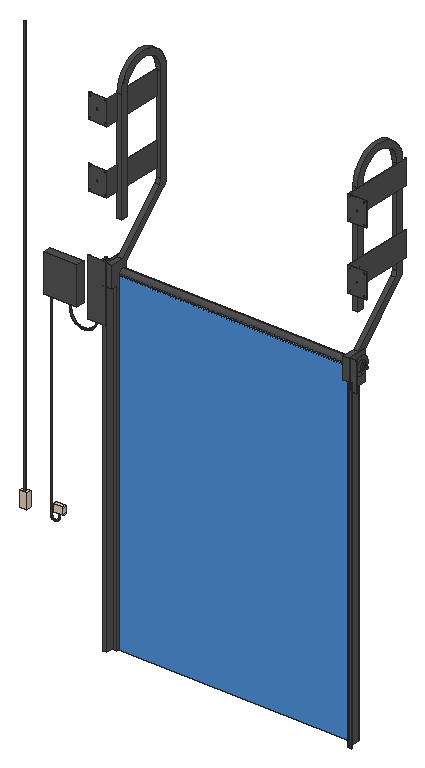
Revit family "Door_Lift_UltiGroup_FasTrax FR Wrapback", category Doors, host Wall, Revit 2018
Family settings
  Host = Wall
  OmniClass Number = 23.30.10.21.17.11
  OmniClass Title = Cold Storage Doors
  Always vertical = Yes
  Cut with Voids When Loaded = No
  Shared = No
  Room Calculation Point = No
Parameters (values of type "2HP - 3 Phase - 575V")
  Voltage = 575
  User Interface = User Interface
  Toll Free Phone = "0800 807 753"
  Thickness = 25.4 mm
  Supply to ceiling = 200 mm
  StyleOrType_ANZRS = ""
  Shaft Extension [instance] = if(Manual Operation, 355.6 mm, 295 mm)  # 295 mm
  Send Message = "http://ultigroup.co.nz/contact-ulti-group/"
  RO Spacing = 222 mm
  Warranty Duration (Years) = 0
  U_Factor [instance] = 0
  URL = "www.ultigroup.co.nz"
  SHGC [instance] = 0
  Rough Width = Width - (RO Spacing * 2)  # 2500 mm
  Rough Height = Height - RO Spacing  # 3778 mm
  R_Value [instance] = 0
  RH = no
  Power Isolator distance = 1200 mm
  Phone = "07 974 4691"
  Phase = 3
  Operation = ""
  Motor HP = 2
  ModifiedIssue_ANZRS = 0
  Model = "Ulti FasTrax FR - Wrapback Lift"
  Min Width = 1524 mm
  Min Height = 2133.6 mm
  Max Width = 2500 mm
  Max Height = 4876.8 mm
  Manufacturer = "UltiGroup"
  Manual Operation [instance] = no
  Maintenance Schedule (Months) = 0
  LH = yes
  Keynote = ""
  InstallationGroup_ANZRS = 0
  Installation Phase = "Exterior Enclosure"
  Height of Wrapback = 2400 mm
  Height = 4000 mm
  Function = Interior
  FireRating_ANZRS = ""
  FilterObject_ANZRS = ""
  Fax = "07 846 2467"
  Expected Lifespan (Years) = 0
  Electric [instance] = not(Manual Operation)  # yes
  DoorSignageWording_ANZRS = ""
  DoorPanelWidth_ANZRS = Width  # 2944 mm
  DoorPanelMaterial_ANZRS = Fabric - Curtain - Blue
  DoorPanelHeight_ANZRS = Height  # 4000 mm
  DoorPanelFinish_ANZRS = "PVC Fabric curtain with Insulation"
  DoorPanelDepth_ANZRS = 0 mm
  DoorPanelBWidth_ANZRS = 0 mm
  DoorOperation_ANZRS = "[Induction Loop][Motion Sensor][Electronic Eye][Push Button Control][Radio Control][Pull Cord Manual Open]"
  DoorNumberOfPanels_ANZRS = 0
  DoorGrille_ANZRS = no
  DoorGrilleWidth_ANZRS = 0 mm
  DoorGrilleHeight_ANZRS = 0 mm
  DoorGlazingWidth_ANZRS = 0 mm
  DoorGlazingType_ANZRS = ""
  DoorGlazingHeight_ANZRS = 0 mm
  DoorFrameType_ANZRS = "Aluminium Frame"
  DoorFrameMaterial_ANZRS = Metal - Aluminum - Powder Coat - Black
  DoorFrameFinish_ANZRS = "Powder Coated Aluminium"
  Description = "High Speed Fabric Door for Cold Storage - FR Wrapback Lift"
  Sill Height [instance] = 0 mm
  Wall Closure = By host
  Width = 2944 mm
  CreatedBy_ANZRS = "UltiGroup"
  CreatedByURL_ANZRS = "www.ultigroup.co.nz"
  CreatedByPhoneNo_ANZRS = "07 974 4691"
  Controls height from floor = 1400 mm
  Assembly Code = ""
  Analytic Construction = "<None>"
  Address = "105 Glover Road Hawera 4610"
  Activation Type [instance] = "[Induction Loop][Motion Sensor][Electronic Eye][Push Button Control][Radio Control][Pull Cord][Other]"
  AcousticRating_ANZRS = ""
Reference planes
  plane 1: y = -17.462
  plane 2 "Center (Left/Right)": x = -104.775
  plane 3 "Left": x = -1576.775
  plane 4 "Right": x = 1367.225
  plane 5 "Center": z = 2000
  plane 6 "Exterior": y = 58.737
  plane 7 "Interior": y = -93.662
  plane 8 "FrameRight": x = 1145.225
  plane 9 "FrameLeft": x = -1354.775
  plane 10 "FrameUpper": z = 4000
  plane 11: z = 0
  plane 12: y = 139.537
  plane 13 "Roller Plane": y = 215.738
  plane 14: x = -1519.625
  plane 15: x = 1310.075
  plane 16: z = 4371.475
  plane 17: y = 177.637
  plane 18: z = 4114.3
  plane 19 "Chain Plane": x = -1916.775
  plane 20: z = 3656.4
  plane 21: z = 4113.6
  plane 22: z = 3230.4
  plane 23: z = 4695
  plane 24: z = 6400
  plane 25: y = 208.738
  plane 26: y = 888.738
  plane 27: y = 812.538
  plane 28: y = 284.938
  plane 29: z = 6323.8
  plane 30: z = 6060
  plane 31: y = 548.738
  plane 32: y = 938.738
  plane 33: z = 5760
  plane 34: z = 4975
  plane 35: z = 5275
  plane 36: x = 1597.225
  plane 37: x = -1806.775
  plane 38: z = 6035
  plane 39: z = 5785
  plane 40: z = 5250
  plane 41: z = 5970
  plane 42: z = 5850
  plane 43: z = 5000
  plane 44: z = 5185
  plane 45: z = 5065
  plane 46: z = 5910
  plane 47: z = 5125
  plane 48: x = 1572.225
  plane 49: x = 1392.225
  plane 50: x = -1601.775
  plane 51: x = -1781.775
  plane 52: x = 1482.225
  plane 53: x = -1691.775
  plane 54: x = -1811.775
  plane 55: z = 1310
  plane 56: x = -2114.775
  plane 57: y = 78.738
  plane 58: z = 1400
  plane 59: x = -2554.775
  plane 60: x = -2599.775
  plane 61: x = -2644.775
  plane 62: z = 6600
  plane 63: z = 1220
  plane 64: z = 1265
  plane 65: z = 1355
  plane 66: z = 7000
  plane 67: z = 6550
Forms (mm)
  Extrusion 1, solid, material "Fabric - Curtain - Blue" <- "DoorPanelMaterial_ANZRS"
    sketch origin (0, 0, 0) x (1, 0, 0) y (0, 1, 0)
      loop
        line (-1519.625, 164.938) -> (1310.075, 164.938) -> (1310.075, 190.337) -> (-1519.625, 190.337) -> (-1519.625, 164.938)
    from 0 to 4114.3
  Sweep 2, solid, material "Metal - Aluminum - Powder Coat - Black" <- "DoorFrameMaterial_ANZRS"
    path origin (-1519.625, 668.728, 1219.2) x (0, 1, 0) y (0, 0, 1)
      loop
        line (-529.19, -1219.2) -> (-529.19, 2919.675)
        arc (-529.19, 2919.675) -> (-522.907, 2951.265) -> (-505.012, 2978.047) r 82.55
        line (-505.012, 2978.047) -> (119.617, 3602.675)
        arc (119.617, 3602.675) -> (137.522, 3629.473) -> (143.81, 3661.082) r 82.6
        line (143.81, 3661.082) -> (143.81, 4840.8)
        arc (143.81, 4840.8) -> (-119.99, 5104.6) -> (-383.79, 4840.8) r 263.8
        line (-383.79, 4840.8) -> (-383.79, 3475.8)
    profile origin (-1519.625, 139.537, 2069.437) x (0, -1, 0) y (1, 0, 0)
      loop
        line (-76.2, -57.15) -> (0, -57.15) -> (0, 0) -> (-76.2, 0) -> (-76.2, -57.15)
  Sweep 3, solid, material "Metal - Aluminum - Powder Coat - Black" <- "DoorFrameMaterial_ANZRS"
    path origin (1310.075, 668.728, 1219.2) x (0, 1, 0) y (0, 0, 1)
      loop
        line (-529.19, -1219.2) -> (-529.19, 2919.675)
        arc (-529.19, 2919.675) -> (-522.907, 2951.265) -> (-505.012, 2978.047) r 82.55
        line (-505.012, 2978.047) -> (119.617, 3602.675)
        arc (119.617, 3602.675) -> (137.522, 3629.473) -> (143.81, 3661.082) r 82.6
        line (143.81, 3661.082) -> (143.81, 4840.8)
        arc (143.81, 4840.8) -> (-119.99, 5104.6) -> (-383.79, 4840.8) r 263.8
        line (-383.79, 4840.8) -> (-383.79, 3475.8)
    profile origin (1310.075, 139.537, 2069.437) x (0, -1, 0) y (1, 0, 0)
      loop
        line (-76.2, 57.15) -> (-76.2, 0) -> (0, 0) -> (0, 57.15) -> (-76.2, 57.15)
  Revolve 4, solid, material "Metal - Aluminum - Powder Coat - Black" <- "DoorFrameMaterial_ANZRS"
    sketch origin (0, 215.737, 0) x (-1, 0, 0) y (0, 0, 1)
      loop
        line (-1471.8, 4114.3) -> (1871.775, 4114.3) -> (1871.775, 4126.181) -> (1643.45, 4126.181) -> (1643.45, 4131.763) -> (1633.925, 4131.763) -> (1633.925, 4149.225) -> (1616.463, 4149.225) -> (1616.463, 4176.213) -> (1605.35, 4176.213) -> (1605.35, 4220.942) -> (1595.825, 4220.942) -> (1595.825, 4164.983) -> (-1389.45, 4164.983) -> (-1389.45, 4220.942) -> (-1398.975, 4220.942) -> (-1398.975, 4176.213) -> (-1410.087, 4176.213) -> (-1410.087, 4149.225) -> (-1427.55, 4149.225) -> (-1427.55, 4131.763) -> (-1437.075, 4131.763) -> (-1437.075, 4126.181) -> (-1471.8, 4126.181) -> (-1471.8, 4114.3)
      axis (-1471.8, 4114.3) -> (1871.775, 4114.3)
    angle from 0 to 360
  Extrusion 5, solid, material "Metal - Aluminum - Powder Coat - Black" <- "DoorFrameMaterial_ANZRS"
    sketch origin (0, 0, 0) x (1, 0, 0) y (0, 1, 0)
      loop
        arc (-1576.775, 215.737) -> (-1581.265, 213.878) -> (-1583.125, 209.387) r 6.35
        line (-1583.125, 209.387) -> (-1583.125, 65.087) -> (-1621.225, 65.087)
        arc (-1621.225, 65.087) -> (-1625.715, 63.228) -> (-1627.575, 58.737) r 6.35
        line (-1627.575, 58.737) -> (-1576.775, 58.737) -> (-1576.775, 215.737)
    from 0 to 4000
  Extrusion 6, solid, material "Metal - Aluminum - Powder Coat - Black" <- "DoorFrameMaterial_ANZRS"
    sketch origin (-209.55, 0, 0) x (-1, 0, 0) y (0, -1, 0)
      loop
        line (-1576.775, -215.738) -> (-1576.775, -58.738) -> (-1627.575, -58.738)
        arc (-1627.575, -58.738) -> (-1625.715, -63.228) -> (-1621.225, -65.088) r 6.35
        line (-1621.225, -65.088) -> (-1583.125, -65.088) -> (-1583.125, -209.388)
        arc (-1583.125, -209.388) -> (-1581.265, -213.878) -> (-1576.775, -215.738) r 6.35
    from 0 to 4000
  Extrusion 7, solid, material "Metal - Aluminum - Powder Coat - Black" <- "DoorFrameMaterial_ANZRS"
    sketch origin (1310.075, 668.728, 1219.2) x (0, 1, 0) y (0, 0, 1)
      loop
        line (-390.299, 2984.996) -> (-444.181, 3038.878) -> (-609.99, 3038.878) -> (-609.99, 2780.8) -> (-390.299, 2780.8) -> (-390.299, 2984.996)
    from 0 to 76.2
  Extrusion 8, solid, material "Metal - Aluminum - Powder Coat - Black" <- "DoorFrameMaterial_ANZRS"
    sketch origin (-1519.625, 668.728, 1219.2) x (0, 1, 0) y (0, 0, 1)
      loop
        line (-390.299, 2984.996) -> (-444.181, 3038.878) -> (-609.99, 3038.878) -> (-609.99, 2780.8) -> (-390.299, 2780.8) -> (-390.299, 2984.996)
    from 0 to -73.025
  Extrusion 9, solid, material "Metal - Aluminum - Powder Coat - Black" <- "DoorFrameMaterial_ANZRS"
    sketch origin (600.075, 279.4, 4114.3) x (1, 0, 0) y (0, 1, 0)
      loop
        line (-2192.725, -220.662) -> (-2192.725, 3.013) -> (-2195.9, 3.013) -> (-2195.9, -217.488) -> (-2411.85, -217.488) -> (-2411.85, -220.662) -> (-2192.725, -220.662)
    from -547.6 to 152.4
  Extrusion 10, solid, material "Metal - Aluminum - Powder Coat - Black" <- "DoorFrameMaterial_ANZRS"
    sketch origin (-806.45, 279.4, 4114.3) x (-1, 0, 0) y (0, -1, 0)
      loop
        line (-2192.725, 220.662) -> (-2278.25, 220.662) -> (-2278.25, 217.488) -> (-2195.9, 217.488) -> (-2195.9, -3.013) -> (-2192.725, -3.013) -> (-2192.725, 220.662)
    from -209.55 to 152.4
  Revolve 11, solid, material "Metal - Aluminum - Powder Coat - Black" <- "DoorFrameMaterial_ANZRS", detail levels medium+fine
    sketch origin (0, 215.737, 0) x (-1, 0, 0) y (0, 0, 1)
      loop
        line (1630.992, 3659.612) -> (1655.781, 3645.3) -> (1697.076, 3645.3) -> (1697.076, 3635.611) -> (1706.023, 3635.611) -> (1706.023, 3627.827) -> (1719.993, 3627.827) -> (1719.993, 4208.3) -> (1712.993, 4208.3) -> (1712.993, 4178.3) -> (1705.744, 4178.3) -> (1705.744, 4174.3) -> (1682.482, 4174.3) -> (1682.482, 4053.947) -> (1656.388, 4044.45) -> (1620.671, 4044.45) -> (1620.671, 4025.4) -> (1647.761, 4025.4) -> (1647.761, 4000) -> (1634.242, 3995.08) -> (1634.242, 3836.52) -> (1648.894, 3832.594) -> (1648.894, 3824.877) -> (1630.992, 3818.362) -> (1630.992, 3659.612)
      axis (1719.993, 4208.3) -> (1719.993, 3627.827)
    angle from 0 to 360
  Extrusion 12, solid, material "Metal - Aluminum - Powder Coat - Black" <- "DoorFrameMaterial_ANZRS", visible <- "Manual Operation", detail levels medium+fine
    sketch origin (-1224.766, 279.4, 3656.4) x (1, 0, 0) y (0, 1, 0)
      loop
        line (-828.784, -220.663) -> (-676.384, -220.663) -> (-676.384, -95.412) -> (-679.559, -95.412) -> (-679.559, -217.488) -> (-825.609, -217.488) -> (-825.609, -95.412) -> (-828.784, -95.412) -> (-828.784, -220.663)
    from -564 to -287
  Revolve 13, solid, material "Metal - Aluminum - Powder Coat - Black" <- "DoorFrameMaterial_ANZRS", visible <- "Manual Operation", detail levels medium+fine
    sketch origin (-1188.431, 139.537, 1219.2) x (-1, 0, 0) y (0, 0, 1)
      loop
        line (644.723, 2011.2) -> (878.403, 2011.2) -> (878.403, 2023.9) -> (868.201, 2023.9) -> (868.201, 2028.98) -> (855.501, 2028.98) -> (855.501, 2023.9) -> (837.128, 2023.9) -> (837.128, 2028.98) -> (735.528, 2028.98) -> (735.528, 2023.9) -> (717.438, 2023.9) -> (717.438, 2028.98) -> (707.588, 2028.98) -> (707.588, 2023.9) -> (691.713, 2023.9) -> (691.713, 2019.504) -> (644.723, 2019.504) -> (644.723, 2011.2)
      axis (644.723, 2011.2) -> (878.403, 2011.2)
    angle from 0 to 360
  Extrusion 14, solid, material "Metal - Aluminum - Powder Coat - Black" <- "DoorFrameMaterial_ANZRS", detail levels medium+fine
    sketch origin (0, 58.737, 0) x (1, 0, 0) y (0, 0, 1)
      loop
        line (-1947.991, 4113.6) -> (-2354.391, 4113.6) -> (-2354.391, 3656.4) -> (-1947.991, 3656.4) -> (-1947.991, 4113.6)
    from 0 to -101.6
  Sweep 15, solid, material "Metal - Aluminum - Powder Coat - Black" <- "DoorFrameMaterial_ANZRS", detail levels medium+fine
    path origin (-1188.431, 139.537, 1219.2) x (-1, 0, 0) y (0, 0, 1)
      loop
        line (901.755, 2437.2) -> (901.755, 2337.2)
        arc (901.755, 2337.2) -> (735.144, 2170.589) -> (568.533, 2337.2) r 166.611
        line (568.533, 2337.2) -> (568.533, 2426.1)
    profile origin (-2090.186, 139.538, 3606.4) x (0, 1, 0) y (-1, 0, 0)
      loop
        circle (0, 0) r 6.35
  Extrusion 16, solid, material "Metal - Aluminum - Powder Coat - Black" <- "DoorFrameMaterial_ANZRS"
    sketch origin (-1576.775, 0, 0) x (0, -1, 0) y (0, 0, 1)
      loop
        line (-933.737, 5760) -> (-58.737, 5760) -> (-58.737, 6060) -> (-933.737, 6060)
        arc (-933.737, 6060) -> (-937.273, 6058.536) -> (-938.737, 6055) r 5
        line (-938.737, 6055) -> (-938.738, 5765)
        arc (-938.738, 5765) -> (-937.273, 5761.464) -> (-933.737, 5760) r 5
      loop
        arc (-933.737, 5275) -> (-937.273, 5273.536) -> (-938.738, 5270) r 5
        line (-938.738, 5270) -> (-938.737, 4980)
        arc (-938.737, 4980) -> (-937.273, 4976.464) -> (-933.737, 4975) r 5
        line (-933.737, 4975) -> (-58.737, 4975) -> (-58.737, 5275) -> (-933.737, 5275)
      loop
        circle (-588.738, 5910) r 8
      loop
        circle (-508.738, 5910) r 8
      loop
        circle (-628.738, 5910) r 8
      loop
        circle (-468.738, 5910) r 8
      loop
        circle (-588.738, 5125) r 8
      loop
        circle (-508.738, 5125) r 8
      loop
        circle (-628.738, 5125) r 8
      loop
        circle (-468.738, 5125) r 8
      loop
        circle (-913.737, 6035) r 5
      loop
        circle (-913.737, 5785) r 5
      loop
        circle (-827.738, 6035) r 5
      loop
        circle (-827.738, 5785) r 5
      loop
        arc (-875.737, 6040) -> (-880.737, 6035) -> (-875.737, 6030) r 5
        line (-875.737, 6030) -> (-865.737, 6030)
        arc (-865.737, 6030) -> (-860.737, 6035) -> (-865.737, 6040) r 5
        line (-865.737, 6040) -> (-875.737, 6040)
      loop
        arc (-875.737, 5790) -> (-880.737, 5785) -> (-875.737, 5780) r 5
        line (-875.737, 5780) -> (-865.737, 5780)
        arc (-865.737, 5780) -> (-860.737, 5785) -> (-865.737, 5790) r 5
        line (-865.737, 5790) -> (-875.737, 5790)
      loop
        circle (-913.737, 5850) r 5
      loop
        circle (-827.738, 5850) r 5
      loop
        arc (-875.737, 5855) -> (-880.737, 5850) -> (-875.737, 5845) r 5
        line (-875.737, 5845) -> (-865.737, 5845)
        arc (-865.737, 5845) -> (-860.737, 5850) -> (-865.737, 5855) r 5
        line (-865.737, 5855) -> (-875.737, 5855)
      loop
        circle (-913.737, 5970) r 5
      loop
        circle (-827.738, 5970) r 5
      loop
        arc (-875.737, 5975) -> (-880.737, 5970) -> (-875.737, 5965) r 5
        line (-875.737, 5965) -> (-865.737, 5965)
        arc (-865.737, 5965) -> (-860.737, 5970) -> (-865.737, 5975) r 5
        line (-865.737, 5975) -> (-875.737, 5975)
      loop
        circle (-309.937, 6035) r 5
      loop
        circle (-309.937, 5785) r 5
      loop
        circle (-223.937, 6035) r 5
      loop
        circle (-223.937, 5785) r 5
      loop
        arc (-271.937, 6040) -> (-276.937, 6035) -> (-271.937, 6030) r 5
        line (-271.937, 6030) -> (-261.937, 6030)
        arc (-261.937, 6030) -> (-256.937, 6035) -> (-261.937, 6040) r 5
        line (-261.937, 6040) -> (-271.937, 6040)
      loop
        arc (-271.937, 5790) -> (-276.937, 5785) -> (-271.937, 5780) r 5
        line (-271.937, 5780) -> (-261.937, 5780)
        arc (-261.937, 5780) -> (-256.937, 5785) -> (-261.937, 5790) r 5
        line (-261.937, 5790) -> (-271.937, 5790)
      loop
        circle (-309.937, 5850) r 5
      loop
        circle (-223.937, 5850) r 5
      loop
        arc (-271.937, 5855) -> (-276.937, 5850) -> (-271.937, 5845) r 5
        line (-271.937, 5845) -> (-261.937, 5845)
        arc (-261.937, 5845) -> (-256.937, 5850) -> (-261.937, 5855) r 5
        line (-261.937, 5855) -> (-271.937, 5855)
      loop
        circle (-309.937, 5970) r 5
      loop
        circle (-223.937, 5970) r 5
      loop
        arc (-271.937, 5975) -> (-276.937, 5970) -> (-271.937, 5965) r 5
        line (-271.937, 5965) -> (-261.937, 5965)
        arc (-261.937, 5965) -> (-256.937, 5970) -> (-261.937, 5975) r 5
        line (-261.937, 5975) -> (-271.937, 5975)
      loop
        circle (-913.737, 5250) r 5
      loop
        circle (-913.737, 5000) r 5
      loop
        circle (-827.738, 5250) r 5
      loop
        circle (-827.738, 5000) r 5
      loop
        arc (-875.737, 5255) -> (-880.737, 5250) -> (-875.737, 5245) r 5
        line (-875.737, 5245) -> (-865.737, 5245)
        arc (-865.737, 5245) -> (-860.737, 5250) -> (-865.737, 5255) r 5
        line (-865.737, 5255) -> (-875.737, 5255)
      loop
        arc (-875.737, 5005) -> (-880.737, 5000) -> (-875.737, 4995) r 5
        line (-875.737, 4995) -> (-865.737, 4995)
        arc (-865.737, 4995) -> (-860.737, 5000) -> (-865.737, 5005) r 5
        line (-865.737, 5005) -> (-875.737, 5005)
      loop
        circle (-913.737, 5065) r 5
      loop
        circle (-827.738, 5065) r 5
      loop
        arc (-875.737, 5070) -> (-880.737, 5065) -> (-875.737, 5060) r 5
        line (-875.737, 5060) -> (-865.737, 5060)
        arc (-865.737, 5060) -> (-860.737, 5065) -> (-865.737, 5070) r 5
        line (-865.737, 5070) -> (-875.737, 5070)
      loop
        circle (-913.737, 5185) r 5
      loop
        circle (-827.738, 5185) r 5
      loop
        arc (-875.737, 5190) -> (-880.737, 5185) -> (-875.737, 5180) r 5
        line (-875.737, 5180) -> (-865.737, 5180)
        arc (-865.737, 5180) -> (-860.737, 5185) -> (-865.737, 5190) r 5
        line (-865.737, 5190) -> (-875.737, 5190)
      loop
        circle (-309.937, 5250) r 5
      loop
        circle (-309.937, 5000) r 5
      loop
        circle (-223.937, 5250) r 5
      loop
        circle (-223.937, 5000) r 5
      loop
        arc (-271.937, 5255) -> (-276.937, 5250) -> (-271.937, 5245) r 5
        line (-271.937, 5245) -> (-261.937, 5245)
        arc (-261.937, 5245) -> (-256.937, 5250) -> (-261.937, 5255) r 5
        line (-261.937, 5255) -> (-271.937, 5255)
      loop
        arc (-271.937, 5005) -> (-276.937, 5000) -> (-271.937, 4995) r 5
        line (-271.937, 4995) -> (-261.937, 4995)
        arc (-261.937, 4995) -> (-256.937, 5000) -> (-261.937, 5005) r 5
        line (-261.937, 5005) -> (-271.937, 5005)
      loop
        circle (-309.937, 5065) r 5
      loop
        circle (-223.937, 5065) r 5
      loop
        arc (-271.937, 5070) -> (-276.937, 5065) -> (-271.937, 5060) r 5
        line (-271.937, 5060) -> (-261.937, 5060)
        arc (-261.937, 5060) -> (-256.937, 5065) -> (-261.937, 5070) r 5
        line (-261.937, 5070) -> (-271.937, 5070)
      loop
        circle (-309.937, 5185) r 5
      loop
        circle (-223.937, 5185) r 5
      loop
        arc (-271.937, 5190) -> (-276.937, 5185) -> (-271.937, 5180) r 5
        line (-271.937, 5180) -> (-261.937, 5180)
        arc (-261.937, 5180) -> (-256.937, 5185) -> (-261.937, 5190) r 5
        line (-261.937, 5190) -> (-271.937, 5190)
    from 0 to 3
  Extrusion 17, solid, material "Metal - Aluminum - Powder Coat - Black" <- "DoorFrameMaterial_ANZRS"
    sketch origin (0, 58.737, 0) x (1, 0, 0) y (0, 0, 1)
      loop
        line (-1576.775, 6060) -> (-1801.775, 6060)
        arc (-1801.775, 6060) -> (-1805.311, 6058.536) -> (-1806.775, 6055) r 5
        line (-1806.775, 6055) -> (-1806.775, 5765)
        arc (-1806.775, 5765) -> (-1805.311, 5761.464) -> (-1801.775, 5760) r 5
        line (-1801.775, 5760) -> (-1576.775, 5760) -> (-1576.775, 6060)
      loop
        line (-1576.775, 5275) -> (-1801.775, 5275)
        arc (-1801.775, 5275) -> (-1805.311, 5273.536) -> (-1806.775, 5270) r 5
        line (-1806.775, 5270) -> (-1806.775, 4980)
        arc (-1806.775, 4980) -> (-1805.311, 4976.464) -> (-1801.775, 4975) r 5
        line (-1801.775, 4975) -> (-1576.775, 4975) -> (-1576.775, 5275)
      loop
        circle (-1781.775, 6035) r 8
      loop
        circle (-1601.775, 6035) r 8
      loop
        circle (-1781.775, 5785) r 8
      loop
        circle (-1601.775, 5785) r 8
      loop
        circle (-1691.775, 5910) r 8
      loop
        circle (-1781.775, 5250) r 8
      loop
        circle (-1601.775, 5250) r 8
      loop
        circle (-1781.775, 5000) r 8
      loop
        circle (-1601.775, 5000) r 8
      loop
        circle (-1691.775, 5125) r 8
    from -3 to 0
  Extrusion 18, solid, material "Metal - Aluminum - Powder Coat - Black" <- "DoorFrameMaterial_ANZRS"
    sketch origin (1367.225, 0, 0) x (0, -1, 0) y (0, 0, 1)
      loop
        line (-933.737, 5760) -> (-58.737, 5760) -> (-58.737, 6060) -> (-933.737, 6060)
        arc (-933.737, 6060) -> (-937.273, 6058.536) -> (-938.737, 6055) r 5
        line (-938.737, 6055) -> (-938.738, 5765)
        arc (-938.738, 5765) -> (-937.273, 5761.464) -> (-933.737, 5760) r 5
      loop
        arc (-933.737, 5275) -> (-937.273, 5273.536) -> (-938.738, 5270) r 5
        line (-938.738, 5270) -> (-938.737, 4980)
        arc (-938.737, 4980) -> (-937.273, 4976.464) -> (-933.737, 4975) r 5
        line (-933.737, 4975) -> (-58.738, 4975) -> (-58.738, 5275) -> (-933.737, 5275)
      loop
        circle (-588.737, 5910) r 8
      loop
        circle (-508.737, 5910) r 8
      loop
        circle (-468.737, 5910) r 8
      loop
        circle (-628.737, 5910) r 8
      loop
        circle (-913.737, 6035) r 5
      loop
        arc (-875.737, 6040) -> (-880.737, 6035) -> (-875.737, 6030) r 5
        line (-875.737, 6030) -> (-865.737, 6030)
        arc (-865.737, 6030) -> (-860.737, 6035) -> (-865.737, 6040) r 5
        line (-865.737, 6040) -> (-875.737, 6040)
      loop
        circle (-827.737, 6035) r 5
      loop
        circle (-309.937, 6035) r 5
      loop
        arc (-271.937, 6040) -> (-276.937, 6035) -> (-271.937, 6030) r 5
        line (-271.937, 6030) -> (-261.937, 6030)
        arc (-261.937, 6030) -> (-256.937, 6035) -> (-261.937, 6040) r 5
        line (-261.937, 6040) -> (-271.937, 6040)
      loop
        circle (-223.937, 6035) r 5
      loop
        circle (-913.737, 5970) r 5
      loop
        arc (-875.737, 5975) -> (-880.737, 5970) -> (-875.737, 5965) r 5
        line (-875.737, 5965) -> (-865.737, 5965)
        arc (-865.737, 5965) -> (-860.737, 5970) -> (-865.737, 5975) r 5
        line (-865.737, 5975) -> (-875.737, 5975)
      loop
        circle (-827.737, 5970) r 5
      loop
        circle (-309.937, 5970) r 5
      loop
        arc (-271.937, 5975) -> (-276.937, 5970) -> (-271.937, 5965) r 5
        line (-271.937, 5965) -> (-261.937, 5965)
        arc (-261.937, 5965) -> (-256.937, 5970) -> (-261.937, 5975) r 5
        line (-261.937, 5975) -> (-271.937, 5975)
      loop
        circle (-223.937, 5970) r 5
      loop
        circle (-913.737, 5850) r 5
      loop
        arc (-875.737, 5855) -> (-880.737, 5850) -> (-875.737, 5845) r 5
        line (-875.737, 5845) -> (-865.737, 5845)
        arc (-865.737, 5845) -> (-860.737, 5850) -> (-865.737, 5855) r 5
        line (-865.737, 5855) -> (-875.737, 5855)
      loop
        circle (-827.737, 5850) r 5
      loop
        circle (-309.937, 5850) r 5
      loop
        arc (-271.937, 5855) -> (-276.937, 5850) -> (-271.937, 5845) r 5
        line (-271.937, 5845) -> (-261.937, 5845)
        arc (-261.937, 5845) -> (-256.937, 5850) -> (-261.937, 5855) r 5
        line (-261.937, 5855) -> (-271.937, 5855)
      loop
        circle (-223.937, 5850) r 5
      loop
        circle (-913.737, 5785) r 5
      loop
        arc (-875.737, 5790) -> (-880.737, 5785) -> (-875.737, 5780) r 5
        line (-875.737, 5780) -> (-865.737, 5780)
        arc (-865.737, 5780) -> (-860.737, 5785) -> (-865.737, 5790) r 5
        line (-865.737, 5790) -> (-875.737, 5790)
      loop
        circle (-827.737, 5785) r 5
      loop
        circle (-309.937, 5785) r 5
      loop
        arc (-271.937, 5790) -> (-276.937, 5785) -> (-271.937, 5780) r 5
        line (-271.937, 5780) -> (-261.937, 5780)
        arc (-261.937, 5780) -> (-256.937, 5785) -> (-261.937, 5790) r 5
        line (-261.937, 5790) -> (-271.937, 5790)
      loop
        circle (-223.937, 5785) r 5
      loop
        circle (-913.737, 5250) r 5
      loop
        arc (-875.737, 5255) -> (-880.737, 5250) -> (-875.737, 5245) r 5
        line (-875.737, 5245) -> (-865.737, 5245)
        arc (-865.737, 5245) -> (-860.737, 5250) -> (-865.737, 5255) r 5
        line (-865.737, 5255) -> (-875.737, 5255)
      loop
        circle (-827.737, 5250) r 5
      loop
        circle (-309.937, 5250) r 5
      loop
        arc (-271.937, 5255) -> (-276.937, 5250) -> (-271.937, 5245) r 5
        line (-271.937, 5245) -> (-261.937, 5245)
        arc (-261.937, 5245) -> (-256.937, 5250) -> (-261.937, 5255) r 5
        line (-261.937, 5255) -> (-271.937, 5255)
      loop
        circle (-223.937, 5250) r 5
      loop
        circle (-913.737, 5185) r 5
      loop
        arc (-875.737, 5190) -> (-880.737, 5185) -> (-875.737, 5180) r 5
        line (-875.737, 5180) -> (-865.737, 5180)
        arc (-865.737, 5180) -> (-860.737, 5185) -> (-865.737, 5190) r 5
        line (-865.737, 5190) -> (-875.737, 5190)
      loop
        circle (-827.737, 5185) r 5
      loop
        circle (-309.937, 5185) r 5
      loop
        arc (-271.937, 5190) -> (-276.937, 5185) -> (-271.937, 5180) r 5
        line (-271.937, 5180) -> (-261.937, 5180)
        arc (-261.937, 5180) -> (-256.937, 5185) -> (-261.937, 5190) r 5
        line (-261.937, 5190) -> (-271.937, 5190)
      loop
        circle (-223.937, 5185) r 5
      loop
        circle (-913.737, 5065) r 5
      loop
        arc (-875.737, 5070) -> (-880.737, 5065) -> (-875.737, 5060) r 5
        line (-875.737, 5060) -> (-865.737, 5060)
        arc (-865.737, 5060) -> (-860.737, 5065) -> (-865.737, 5070) r 5
        line (-865.737, 5070) -> (-875.737, 5070)
      loop
        circle (-827.737, 5065) r 5
      loop
        circle (-309.937, 5065) r 5
      loop
        arc (-271.937, 5070) -> (-276.937, 5065) -> (-271.937, 5060) r 5
        line (-271.937, 5060) -> (-261.937, 5060)
        arc (-261.937, 5060) -> (-256.937, 5065) -> (-261.937, 5070) r 5
        line (-261.937, 5070) -> (-271.937, 5070)
      loop
        circle (-223.937, 5065) r 5
      loop
        circle (-913.737, 5000) r 5
      loop
        arc (-875.737, 5005) -> (-880.737, 5000) -> (-875.737, 4995) r 5
        line (-875.737, 4995) -> (-865.737, 4995)
        arc (-865.737, 4995) -> (-860.737, 5000) -> (-865.737, 5005) r 5
        line (-865.737, 5005) -> (-875.737, 5005)
      loop
        circle (-827.737, 5000) r 5
      loop
        circle (-309.937, 5000) r 5
      loop
        arc (-271.937, 5005) -> (-276.937, 5000) -> (-271.937, 4995) r 5
        line (-271.937, 4995) -> (-261.937, 4995)
        arc (-261.937, 4995) -> (-256.937, 5000) -> (-261.937, 5005) r 5
        line (-261.937, 5005) -> (-271.937, 5005)
      loop
        circle (-223.937, 5000) r 5
      loop
        circle (-508.737, 5125) r 8
      loop
        circle (-468.737, 5125) r 8
      loop
        circle (-588.738, 5125) r 8
      loop
        circle (-628.738, 5125) r 8
    from -3 to 0
  Extrusion 19, solid, material "Metal - Aluminum - Powder Coat - Black" <- "DoorFrameMaterial_ANZRS"
    sketch origin (0, 58.737, 0) x (1, 0, 0) y (0, 0, 1)
      loop
        line (1592.225, 6060) -> (1367.225, 6060) -> (1367.225, 5760) -> (1592.225, 5760)
        arc (1592.225, 5760) -> (1595.761, 5761.464) -> (1597.225, 5765) r 5
        line (1597.225, 5765) -> (1597.225, 6055)
        arc (1597.225, 6055) -> (1595.761, 6058.536) -> (1592.225, 6060) r 5
      loop
        arc (1592.225, 4975) -> (1595.761, 4976.464) -> (1597.225, 4980) r 5
        line (1597.225, 4980) -> (1597.225, 5270)
        arc (1597.225, 5270) -> (1595.761, 5273.536) -> (1592.225, 5275) r 5
        line (1592.225, 5275) -> (1367.225, 5275) -> (1367.225, 4975) -> (1592.225, 4975)
      loop
        circle (1392.225, 6035) r 8
      loop
        circle (1572.225, 6035) r 8
      loop
        circle (1392.225, 5785) r 8
      loop
        circle (1572.225, 5785) r 8
      loop
        circle (1482.225, 5910) r 8
      loop
        circle (1392.225, 5250) r 8
      loop
        circle (1572.225, 5250) r 8
      loop
        circle (1392.225, 5000) r 8
      loop
        circle (1572.225, 5000) r 8
      loop
        circle (1482.225, 5125) r 8
    from -3 to 0
  Extrusion 20, solid, material "User Interface" <- "User Interface"
    sketch origin (0, 58.737, 0) x (1, 0, 0) y (0, 0, 1)
      loop
        line (-2224.775, 1310) -> (-2124.775, 1310)
        arc (-2124.775, 1310) -> (-2117.704, 1312.929) -> (-2114.775, 1320) r 10
        line (-2114.775, 1320) -> (-2114.775, 1390)
        arc (-2114.775, 1390) -> (-2117.704, 1397.071) -> (-2124.775, 1400) r 10
        line (-2124.775, 1400) -> (-2224.775, 1400)
        arc (-2224.775, 1400) -> (-2231.846, 1397.071) -> (-2234.775, 1390) r 10
        line (-2234.775, 1390) -> (-2234.775, 1320)
        arc (-2234.775, 1320) -> (-2231.846, 1312.929) -> (-2224.775, 1310) r 10
    from -40 to 0
  Sweep 21, solid, material "Metal - Aluminum - Powder Coat - Black" <- "DoorFrameMaterial_ANZRS"
    path origin (-1731.424, 78.738, 1219.2) x (-1, 0, 0) y (0, 0, 1)
      loop
        line (543.159, 2437.2) -> (543.159, 40.8)
        arc (543.159, 40.8) -> (493.159, -9.2) -> (443.159, 40.8) r 50
        line (443.159, 40.8) -> (443.159, 90.8)
    profile origin (-2274.583, 78.738, 2458.2) x (0, 1, 0) y (-1, 0, 0)
      loop
        circle (0, 0) r 6.4
  Extrusion 22, solid, material "Display"
    sketch origin (0, 98.737, 0) x (-1, 0, 0) y (0, 0, 1)
      loop
        line (2214.775, 1380) -> (2134.775, 1380) -> (2134.775, 1350) -> (2214.775, 1350) -> (2214.775, 1380)
    from 0 to 3
  Extrusion 23, solid, material "Metal - Aluminum - Powder Coat - Black" <- "DoorFrameMaterial_ANZRS", visible <- "Manual Operation"
    sketch origin (-1833.154, 139.538, 3230.4) x (0, 0, 1) y (0, -1, 0)
      loop
        arc (895.781, -76.2) -> (892.999, -68.56) -> (885.956, -64.498) r 11.881
        line (885.956, -64.498) -> (1.103, 12.652)
        arc (1.103, 12.652) -> (-8.581, 9.362) -> (-12.7, 0) r 12.7
        arc (-12.7, 0) -> (-10.443, -7.227) -> (-4.475, -11.885) r 12.7
        line (-4.475, -11.885) -> (882.884, -88.037)
        arc (882.884, -88.037) -> (891.934, -84.953) -> (895.781, -76.2) r 11.881
      loop
        line (886.588, -59.535) -> (1.537, 17.633)
        arc (1.537, 17.633) -> (-11.96, 13.048) -> (-17.7, 0) r 17.7
        arc (-17.7, 0) -> (-14.339, -10.377) -> (-5.533, -16.813) r 17.7
        line (-5.533, -16.813) -> (882.457, -93.019)
        arc (882.457, -93.019) -> (895.315, -88.636) -> (900.781, -76.2) r 16.881
        arc (900.781, -76.2) -> (896.752, -65.255) -> (886.588, -59.535) r 16.881
    from -20 to -25
  Extrusion 24, solid, material "User Interface" <- "User Interface"
    sketch origin (0, 58.737, 0) x (1, 0, 0) y (0, 0, 1)
      loop
        line (-2554.775, 1220) -> (-2554.775, 1400) -> (-2644.775, 1400) -> (-2644.775, 1220) -> (-2554.775, 1220)
    from -60 to 0
  Extrusion 25, solid, material "Metal - Aluminum - Powder Coat - Black" <- "DoorFrameMaterial_ANZRS"
    sketch origin (-1464.775, 279.4, 1400) x (1, 0, 0) y (0, 1, 0)
      loop
        circle (-1135, -200.662) r 6.4
    from 0 to 5150
  Extrusion 26, solid, material "Power isolator"
    sketch origin (0, 118.737, 0) x (-1, 0, 0) y (0, 0, 1)
      loop
        circle (2599.775, 1355) r 30
      loop
        circle (2599.775, 1265) r 30
    from 0 to 5
  Extrusion 27, solid, material "Power isolator"
    sketch origin (-1762.606, 279.4, 1265) x (1, 0, 0) y (0, 1, 0)
      loop
        line (-812.169, -155.663) -> (-812.169, -154.466)
        arc (-812.169, -154.466) -> (-813.564, -151.002) -> (-816.969, -149.47) r 5
        line (-816.969, -149.47) -> (-859.049, -147.787)
        arc (-859.049, -147.787) -> (-861.248, -148.622) -> (-862.169, -150.785) r 3
        line (-862.169, -150.785) -> (-862.169, -155.663) -> (-812.169, -155.663)
    from -5 to 5
  Extrusion 28, solid, material "Power isolator"
    sketch origin (-1762.606, 279.4, 1355) x (1, 0, 0) y (0, 1, 0)
      loop
        line (-812.169, -155.662) -> (-812.169, -154.466)
        arc (-812.169, -154.466) -> (-813.564, -151.002) -> (-816.969, -149.47) r 5
        line (-816.969, -149.47) -> (-859.049, -147.787)
        arc (-859.049, -147.787) -> (-861.248, -148.622) -> (-862.169, -150.785) r 3
        line (-862.169, -150.785) -> (-862.169, -155.662) -> (-812.169, -155.662)
    from -5 to 5
Cuts and joins
  joined: Sweep 2, Extrusion 8
  joined: Sweep 3, Extrusion 7
  joined: Extrusion 5, Extrusion 9
  joined: Extrusion 6, Extrusion 10
  joined: Extrusion 16, Extrusion 17
  joined: Extrusion 18, Extrusion 19
  joined: Extrusion 26, Extrusion 27, Extrusion 28
Lines and regions (mm)
  Opening 1
    outline origin (-2431.169, -93.662, 0) x (1, 0, 0) y (0, 0, 1)
      loop
        line (1076.394, 4000) -> (1076.394, 0) -> (3576.394, 0) -> (3576.394, 4000) -> (1076.394, 4000)
  reference lines
    curve 1: line (-1916.775, 251.488, 4231.137) -> (-1916.775, 1347.079, 5326.728)
    curve 2: line (-1916.775, 305.369, 4285.018) -> (-1916.775, 179.646, 4410.742)
Text (mm)
  text "EXTERIOR" at (-2017.463, 596.289, 0), in view "Ref. Level"
  text "INTERIOR" at (-2017.463, -438.832, 0), in view "Ref. Level"
  text "Exterior" at (0, 1201.356, 3131.804), in view "Left"
  text "Exterior" at (0, 488.094, 3355.642), in view "Right"
Dimensions and locks
  locked: plane 6 "Exterior" to host wall at 0
  locked: host wall to plane 7 "Interior"
  equal spacing: plane 7 "Interior", plane 1, plane 6 "Exterior"
  "Width": plane 3 "Left" to plane 4 "Right"
  "Height": plane 10 "FrameUpper" to plane 11
  equal spacing: plane 3 "Left", plane 2 "Center (Left/Right)", plane 4 "Right"
  equal spacing: plane 10 "FrameUpper", plane 5 "Center", plane 11
  locked: plane 12 to plane 13 "Roller Plane" at 76.2
  "RO Spacing": plane 3 "Left" to plane 9 "FrameLeft"
  "RO Spacing": plane 8 "FrameRight" to plane 4 "Right"
  locked: plane 3 "Left" to plane 14 at 57.15
  locked: plane 15 to plane 4 "Right" at 57.15
  locked: plane 10 "FrameUpper" to plane 16 at 371.475
  equal spacing: plane 13 "Roller Plane", plane 17, plane 12
  equal spacing: Extrusion 1 sketch curve, plane 17, Extrusion 1 sketch curve
  "Thickness": Extrusion 1 sketch curve to Extrusion 1 sketch curve
  locked: plane 10 "FrameUpper" to plane 18 at 114.3
  "Shaft Extension": Revolve 4 sketch curve to plane 3 "Left"
  locked: plane 13 "Roller Plane" to plane 6 "Exterior" at 157
  locked: plane 19 "Chain Plane" to plane 3 "Left" at 340
  locked: curve 1 to curve 2 at 76.2
  locked: Sweep 2 sketch curve to curve 1 at 38.1
  locked: Sweep 3 sketch curve to curve 1 at 38.1
  locked: plane 22 to plane 20 at 426
  locked: plane 23 to plane 10 "FrameUpper" at 695
  "Height of Wrapback": plane 24 to plane 10 "FrameUpper"
  locked: plane 25 to plane 6 "Exterior" at 150
  locked: plane 26 to plane 6 "Exterior" at 830
  locked: plane 26 to plane 27 at 76.2
  locked: plane 28 to plane 25 at 76.2
  locked: plane 24 to plane 29 at 76.2
  locked: plane 24 to plane 30 at 340
  equal spacing: plane 27, plane 31, plane 28
  plane 32 to plane 6 "Exterior" = 880 mm
  locked: plane 30 to plane 33 at 300
  locked: plane 23 to plane 34 at 280
  locked: plane 35 to plane 34 at 300
  locked: plane 37 to plane 3 "Left" at 230
  locked: plane 4 "Right" to plane 36 at 230
  locked: plane 30 to plane 38 at 25
  locked: plane 39 to plane 33 at 25
  locked: plane 35 to plane 40 at 25
  plane 38 to plane 41 = 65 mm
  locked: plane 42 to plane 39 at 65
  locked: plane 43 to plane 34 at 25
  locked: plane 45 to plane 43 at 65
  locked: plane 40 to plane 44 at 65
  equal spacing: plane 41, plane 46, plane 42
  equal spacing: plane 44, plane 47, plane 45
  locked: plane 48 to plane 36 at 25
  locked: plane 4 "Right" to plane 49 at 25
  locked: plane 50 to plane 3 "Left" at 25
  locked: plane 37 to plane 51 at 25
  equal spacing: plane 49, plane 52, plane 48
  equal spacing: plane 51, plane 53, plane 50
  plane 9 "FrameLeft" to plane 54 = 457 mm
  locked: plane 9 "FrameLeft" to plane 56 at 760
  locked: plane 6 "Exterior" to plane 57 at 20
  locked: plane 55 to plane 58 at 90
  "Controls height from floor": level to plane 58
  locked: plane 21 to plane 18 at 0.7
  locked: plane 20 to plane 21 at 457.2
  "Power Isolator distance": plane 9 "FrameLeft" to plane 59
  locked: plane 59 to plane 61 at 90
  equal spacing: plane 59, plane 60, plane 61
  "Supply to ceiling": plane 62 to plane 24
  locked: plane 63 to plane 58 at 180
  equal spacing: plane 55, plane 65, plane 58
  equal spacing: plane 63, plane 64, plane 55
  level to plane 66 = 7000 mm
  aligned and locked: Opening 1 sketch curve to plane 8 "FrameRight"
  aligned and locked: plane 9 "FrameLeft" to Opening 1 sketch curve
  aligned and locked: level to plane 11
  aligned and locked: Opening 1 sketch curve to plane 11
  aligned and locked: Opening 1 sketch curve to plane 10 "FrameUpper"
  aligned and locked: plane 3 "Left" to Sweep 2 sketch curve
  aligned and locked: Sweep 2 sketch curve to plane 13 "Roller Plane"
  aligned and locked: plane 12 to Sweep 2 sketch curve
  aligned and locked: Sweep 2 sketch curve to profile plane
  aligned and locked: Sweep 3 sketch curve to profile plane
  aligned and locked: Sweep 3 sketch curve to plane 4 "Right"
  aligned and locked: plane 12 to Sweep 3 sketch curve
  aligned and locked: Sweep 3 sketch curve to plane 13 "Roller Plane"
  aligned and locked: plane 10 "FrameUpper" to Extrusion 6
  aligned and locked: Extrusion 5 to plane 10 "FrameUpper"
  aligned and locked: Extrusion 1 to plane 18
  aligned and locked: plane 27 to Sweep 2 sketch curve
  aligned and locked: plane 28 to Sweep 2 sketch curve
  aligned and locked: plane 30 to Sweep 2 sketch curve
  aligned and locked: plane 31 to Sweep 2 sketch curve
  aligned and locked: plane 27 to Sweep 3 sketch curve
  aligned and locked: plane 28 to Sweep 3 sketch curve
  aligned and locked: plane 30 to Sweep 3 sketch curve
  aligned and locked: plane 31 to Sweep 3 sketch curve
  aligned and locked: Extrusion 16 sketch curve to plane 33
  aligned and locked: Extrusion 16 sketch curve to plane 30
  aligned and locked: Extrusion 16 sketch curve to plane 6 "Exterior"
  aligned and locked: Extrusion 16 sketch curve to plane 32
  aligned and locked: Extrusion 16 sketch curve to plane 35
  aligned and locked: Extrusion 16 sketch curve to plane 34
  aligned and locked: Extrusion 17 sketch curve to plane 3 "Left"
  aligned and locked: plane 30 to Extrusion 17 sketch curve
  aligned and locked: plane 33 to Extrusion 17 sketch curve
  aligned and locked: plane 35 to Extrusion 17 sketch curve
  aligned and locked: plane 34 to Extrusion 17 sketch curve
  aligned and locked: Extrusion 17 sketch curve to plane 37
  aligned and locked: Extrusion 18 sketch curve to plane 33
  aligned and locked: Extrusion 18 sketch curve to plane 30
  aligned and locked: Extrusion 18 sketch curve to plane 6 "Exterior"
  aligned and locked: Extrusion 18 sketch curve to plane 32
  aligned and locked: Extrusion 18 sketch curve to plane 35
  aligned and locked: Extrusion 18 sketch curve to plane 34
  aligned and locked: plane 30 to Extrusion 19 sketch curve
  aligned and locked: plane 33 to Extrusion 19 sketch curve
  aligned and locked: Extrusion 19 sketch curve to plane 36
  aligned and locked: Extrusion 19 sketch curve to plane 4 "Right"
  aligned and locked: plane 34 to Extrusion 19 sketch curve
  aligned and locked: plane 35 to Extrusion 19 sketch curve
  aligned and locked: Extrusion 16 sketch curve to plane 46  (x4)
  aligned and locked: plane 47 to Extrusion 16 sketch curve  (x4)
  aligned and locked: Extrusion 18 sketch curve to plane 46  (x4)
  aligned and locked: Extrusion 16 sketch curve to plane 38  (x8)
  aligned and locked: Extrusion 16 sketch curve to plane 39  (x8)
  aligned and locked: Extrusion 16 sketch curve to plane 42  (x8)
  aligned and locked: Extrusion 16 sketch curve to plane 41  (x8)
  aligned and locked: plane 40 to Extrusion 16 sketch curve  (x6)
  aligned and locked: Extrusion 16 sketch curve to plane 40  (x2)
  aligned and locked: Extrusion 16 sketch curve to plane 44  (x8)
  aligned and locked: Extrusion 16 sketch curve to plane 45  (x8)
  aligned and locked: Extrusion 16 sketch curve to plane 43  (x8)
  aligned and locked: Extrusion 18 sketch curve to plane 38  (x8)
  aligned and locked: Extrusion 18 sketch curve to plane 41  (x8)
  aligned and locked: Extrusion 18 sketch curve to plane 42  (x8)
  aligned and locked: Extrusion 18 sketch curve to plane 39  (x8)
  aligned and locked: Extrusion 18 sketch curve to plane 40  (x8)
  aligned and locked: Extrusion 18 sketch curve to plane 44  (x8)
  aligned and locked: Extrusion 18 sketch curve to plane 45  (x8)
  aligned and locked: Extrusion 18 sketch curve to plane 43  (x8)
  aligned and locked: plane 47 to Extrusion 18 sketch curve  (x4)
  aligned and locked: plane 38 to Extrusion 17 sketch curve  (x2)
  aligned and locked: plane 51 to Extrusion 17 sketch curve  (x3)
  aligned and locked: plane 50 to Extrusion 17 sketch curve  (x3)
  aligned and locked: plane 39 to Extrusion 17 sketch curve  (x2)
  aligned and locked: plane 46 to Extrusion 17 sketch curve
  aligned and locked: plane 53 to Extrusion 17 sketch curve  (x2)
  aligned and locked: plane 40 to Extrusion 17 sketch curve  (x2)
  aligned and locked: plane 47 to Extrusion 17 sketch curve
  aligned and locked: plane 43 to Extrusion 17 sketch curve  (x2)
  aligned and locked: Extrusion 17 sketch curve to plane 50
  aligned and locked: Extrusion 17 sketch curve to plane 51
  aligned and locked: plane 38 to Extrusion 19 sketch curve  (x2)
  aligned and locked: plane 46 to Extrusion 19 sketch curve
  aligned and locked: plane 39 to Extrusion 19 sketch curve  (x2)
  aligned and locked: plane 48 to Extrusion 19 sketch curve  (x3)
  aligned and locked: plane 52 to Extrusion 19 sketch curve  (x2)
  aligned and locked: plane 49 to Extrusion 19 sketch curve  (x3)
  aligned and locked: plane 40 to Extrusion 19 sketch curve  (x2)
  aligned and locked: plane 47 to Extrusion 19 sketch curve
  aligned and locked: plane 43 to Extrusion 19 sketch curve  (x2)
  aligned and locked: Extrusion 19 sketch curve to plane 48
  aligned and locked: Extrusion 19 sketch curve to plane 49
  aligned and locked: Extrusion 9 sketch curve to plane 54
  aligned and locked: Extrusion 20 sketch curve to plane 55
  aligned and locked: plane 56 to Extrusion 20 sketch curve
  aligned and locked: plane 57 to Sweep 21 sketch curve
  aligned and locked: Extrusion 23 sketch curve to Revolve 4  (x2)
  aligned and locked: Extrusion 23 sketch curve to Revolve 13  (x2)
  aligned and locked: plane 58 to Extrusion 20 sketch curve
  aligned and locked: plane 59 to Extrusion 24 sketch curve
  aligned and locked: plane 58 to Extrusion 24 sketch curve
  aligned and locked: plane 57 to Extrusion 25 sketch curve
  aligned and locked: plane 60 to Extrusion 25 sketch curve
  aligned and locked: plane 58 to Extrusion 25
  aligned and locked: Extrusion 26 sketch curve to plane 65
  aligned and locked: Extrusion 26 sketch curve to plane 64
  aligned and locked: plane 60 to Extrusion 26 sketch curve  (x2)
  aligned and locked: Extrusion 26 to Extrusion 27 sketch curve
  aligned and locked: cut or joined group of Extrusion 26, Extrusion 27, Extrusion 28 to Extrusion 28 sketch curve
Automatic sketch dimensions
  Extrusion 1 sketch curve to plane 14 = 0 mm
  Extrusion 1 sketch curve to plane 15 = 0 mm
  Extrusion 5 sketch curve to host wall = 0 mm
  Extrusion 5 sketch curve to plane 3 "Left" = 0 mm
  Extrusion 5 sketch curve to plane 13 "Roller Plane" = 0 mm
  plane 3 "Left" to Extrusion 5 sketch curve = 6.35 mm
  host wall to Extrusion 5 sketch curve = 6.35 mm
  Extrusion 5 sketch curve to Extrusion 5 sketch curve = 38.1 mm
  Extrusion 6 sketch curve to host wall = 0 mm
  Extrusion 6 sketch curve to plane 4 "Right" = 0 mm
  Extrusion 6 sketch curve to plane 13 "Roller Plane" = 0 mm
  plane 4 "Right" to Extrusion 6 sketch curve = 6.35 mm
  Extrusion 6 sketch curve to host wall = 6.35 mm
  Extrusion 6 sketch curve to Extrusion 6 sketch curve = 38.1 mm
  Extrusion 7 sketch curve to host wall = 0 mm
  Extrusion 7 sketch curve to plane 10 "FrameUpper" = 0 mm
  plane 13 "Roller Plane" to Extrusion 7 sketch curve = 8.809 mm
  plane 13 "Roller Plane" to Extrusion 7 sketch curve = 62.691 mm
  plane 18 to Extrusion 7 sketch curve = 89.896 mm
  Extrusion 7 sketch curve to Extrusion 7 sketch curve = 53.882 mm
  Extrusion 8 sketch curve to host wall = 0 mm
  Extrusion 8 sketch curve to plane 10 "FrameUpper" = 0 mm
  plane 13 "Roller Plane" to Extrusion 8 sketch curve = 8.809 mm
  plane 13 "Roller Plane" to Extrusion 8 sketch curve = 62.691 mm
  plane 18 to Extrusion 8 sketch curve = 89.896 mm
  Extrusion 8 sketch curve to Extrusion 8 sketch curve = 53.882 mm
  Extrusion 9 sketch curve to host wall = 0 mm
  host wall to Extrusion 9 sketch curve = 3.175 mm
  plane 3 "Left" to Extrusion 9 sketch curve = 19.05 mm
  Extrusion 9 sketch curve to Extrusion 9 sketch curve = 3.175 mm
  plane 13 "Roller Plane" to Extrusion 9 sketch curve = 66.675 mm
  Extrusion 10 sketch curve to host wall = 0 mm
  Extrusion 10 sketch curve to plane 4 "Right" = 104.575 mm
  host wall to Extrusion 10 sketch curve = 3.175 mm
  Extrusion 10 sketch curve to plane 4 "Right" = 22.225 mm
  Extrusion 10 sketch curve to Extrusion 10 sketch curve = 3.175 mm
  plane 13 "Roller Plane" to Extrusion 10 sketch curve = 66.675 mm
  Revolve 11 sketch curve to plane 10 "FrameUpper" = 0 mm
  plane 3 "Left" to Revolve 11 sketch curve = 43.896 mm
  plane 3 "Left" to Revolve 11 sketch curve = 54.217 mm
  Revolve 11 sketch curve to plane 10 "FrameUpper" = 4.92 mm
  Revolve 11 sketch curve to Revolve 11 sketch curve = 13.571 mm
  Revolve 11 sketch curve to Revolve 11 sketch curve = 27.09 mm
  Revolve 11 sketch curve to Revolve 11 sketch curve = 14.651 mm
  Revolve 11 sketch curve to Revolve 11 sketch curve = 24.789 mm
  Revolve 11 sketch curve to Revolve 11 sketch curve = 8.628 mm
  Revolve 11 sketch curve to Revolve 11 sketch curve = 26.094 mm
  Revolve 11 sketch curve to Revolve 11 sketch curve = 41.295 mm
  Revolve 11 sketch curve to Revolve 11 sketch curve = 23.262 mm
  Revolve 11 sketch curve to Revolve 11 sketch curve = 8.947 mm
  Revolve 11 sketch curve to Revolve 11 sketch curve = 7.249 mm
  Revolve 11 sketch curve to Revolve 11 sketch curve = 13.97 mm
  Revolve 11 sketch curve to Revolve 11 sketch curve = 0 mm  (x2)
  Revolve 11 sketch curve to Revolve 11 sketch curve = 158.56 mm
  Revolve 11 sketch curve to Revolve 11 sketch curve = 3.926 mm
  Revolve 11 sketch curve to Revolve 11 sketch curve = 7.716 mm
  Revolve 11 sketch curve to Revolve 11 sketch curve = 18.158 mm
  Revolve 11 sketch curve to Revolve 11 sketch curve = 158.75 mm
  Revolve 11 sketch curve to Revolve 11 sketch curve = 14.312 mm
  Revolve 11 sketch curve to Revolve 11 sketch curve = 9.69 mm
  Revolve 11 sketch curve to Revolve 11 sketch curve = 7.784 mm
  Revolve 11 sketch curve to Revolve 11 sketch curve = 73.577 mm
  plane 10 "FrameUpper" to Revolve 11 sketch curve = 25.4 mm
  Revolve 11 sketch curve to Revolve 11 sketch curve = 19.05 mm
  Revolve 11 sketch curve to Revolve 11 sketch curve = 9.497 mm
  plane 18 to Revolve 11 sketch curve = 60 mm
  Revolve 11 sketch curve to Revolve 11 sketch curve = 4 mm
  Revolve 11 sketch curve to Revolve 11 sketch curve = 30 mm
  Extrusion 14 sketch curve to plane 21 = 0 mm
  Extrusion 14 sketch curve to plane 20 = 0 mm
  Extrusion 14 sketch curve to plane 19 "Chain Plane" = 437.616 mm
  Extrusion 14 sketch curve to plane 19 "Chain Plane" = 31.216 mm
  Sweep 15 sketch curve to plane 12 = 0 mm
  Sweep 15 sketch curve to profile plane = 0 mm
  curve 2 to plane 16 = 86.457 mm
  plane 13 "Roller Plane" to curve 1 = 35.75 mm
  curve 2 to plane 13 "Roller Plane" = 36.092 mm
  Extrusion 12 sketch curve to host wall = 0 mm
  plane 17 to Extrusion 12 sketch curve = 6.35 mm  (x2)
  Extrusion 12 sketch curve to plane 19 "Chain Plane" = 136.775 mm
  Extrusion 12 sketch curve to Extrusion 12 sketch curve = 3.175 mm  (x2)
  host wall to Extrusion 12 sketch curve = 3.175 mm
  plane 19 "Chain Plane" to Extrusion 12 sketch curve = 12.45 mm
  Revolve 13 sketch curve to plane 22 = 0 mm  (x2)
  plane 19 "Chain Plane" to Revolve 13 sketch curve = 104.362 mm
  Revolve 13 sketch curve to Revolve 13 sketch curve = 20.741 mm
  plane 22 to Revolve 13 sketch curve = 8.304 mm
  plane 19 "Chain Plane" to Revolve 13 sketch curve = 36.631 mm
  Revolve 13 sketch curve to Revolve 13 sketch curve = 15.875 mm
  Revolve 13 sketch curve to Revolve 13 sketch curve = 9.85 mm
  Revolve 13 sketch curve to plane 19 "Chain Plane" = 7.184 mm
  plane 22 to Revolve 13 sketch curve = 17.78 mm
  Revolve 13 sketch curve to Revolve 13 sketch curve = 101.6 mm
  Revolve 13 sketch curve to Revolve 13 sketch curve = 18.373 mm
  Revolve 13 sketch curve to Revolve 13 sketch curve = 12.7 mm  (x2)
  Revolve 13 sketch curve to Revolve 13 sketch curve = 10.202 mm
  Revolve 13 sketch curve to Revolve 13 sketch curve = 56.729 mm
  plane 22 to Revolve 13 sketch curve = 12.7 mm  (x2)
  Revolve 13 sketch curve to Revolve 13 sketch curve = 0 mm
  Revolve 13 sketch curve to Revolve 13 sketch curve = 5.08 mm  (x2)
  plane 16 to curve 2 = 39.267 mm
  plane 16 to curve 1 = 955.253 mm
  Sweep 2 sketch curve to plane 12 = 0 mm
  Sweep 2 sketch curve to level = 0 mm
  plane 23 to Sweep 2 sketch curve = 0 mm
  Sweep 2 sketch curve to plane 17 = 13.922 mm
  plane 13 "Roller Plane" to Sweep 2 sketch curve = 6.35 mm
  Sweep 2 sketch curve to Sweep 2 sketch curve = 82.6 mm
  Sweep 2 sketch curve to plane 27 = 24.193 mm
  Sweep 3 sketch curve to plane 12 = 0 mm
  Sweep 3 sketch curve to level = 0 mm
  plane 23 to Sweep 3 sketch curve = 0 mm
  Sweep 3 sketch curve to plane 17 = 13.922 mm
  plane 13 "Roller Plane" to Sweep 3 sketch curve = 6.35 mm
  Sweep 3 sketch curve to plane 31 = 181.2 mm
  Sweep 3 sketch curve to plane 27 = 24.193 mm
  Extrusion 16 sketch curve to plane 32 = 0 mm
  Extrusion 16 sketch curve to host wall = 0 mm
  plane 32 to Extrusion 16 sketch curve = 5 mm  (x4)
  Extrusion 16 sketch curve to plane 26 = 25 mm  (x8)
  plane 43 to Extrusion 16 sketch curve = 5 mm
  plane 26 to Extrusion 16 sketch curve = 13 mm  (x8)
  Extrusion 16 sketch curve to plane 40 = 5 mm
  plane 44 to Extrusion 16 sketch curve = 5 mm
  Extrusion 16 sketch curve to plane 41 = 5 mm  (x2)
  Extrusion 16 sketch curve to Extrusion 16 sketch curve = 10 mm  (x16)
  Extrusion 16 sketch curve to plane 39 = 5 mm  (x2)
  plane 27 to Extrusion 16 sketch curve = 15.2 mm  (x8)
  Extrusion 16 sketch curve to plane 31 = 80 mm  (x2)
  Extrusion 16 sketch curve to Extrusion 16 sketch curve = 40 mm  (x3)
  Extrusion 16 sketch curve to plane 31 = 40 mm
  plane 31 to Extrusion 16 sketch curve = 40 mm  (x2)
  plane 28 to Extrusion 16 sketch curve = 25 mm  (x8)
  Extrusion 16 sketch curve to plane 28 = 13 mm  (x8)
  plane 40 to Extrusion 16 sketch curve = 5 mm
  Extrusion 16 sketch curve to plane 38 = 5 mm  (x2)
  Extrusion 16 sketch curve to plane 45 = 5 mm
  Extrusion 16 sketch curve to plane 42 = 5 mm  (x2)
  Extrusion 16 sketch curve to plane 25 = 15.2 mm  (x8)
  Extrusion 16 sketch curve to Extrusion 16 sketch curve = 5 mm  (x3)
  Extrusion 18 sketch curve to plane 32 = 0 mm
  Extrusion 18 sketch curve to host wall = 0 mm
  plane 32 to Extrusion 18 sketch curve = 5 mm  (x4)
  Extrusion 18 sketch curve to plane 26 = 25 mm  (x8)
  Extrusion 18 sketch curve to plane 43 = 5 mm
  plane 26 to Extrusion 18 sketch curve = 13 mm  (x8)
  plane 38 to Extrusion 18 sketch curve = 5 mm  (x2)
  plane 40 to Extrusion 18 sketch curve = 5 mm  (x2)
  plane 41 to Extrusion 18 sketch curve = 5 mm  (x2)
  plane 44 to Extrusion 18 sketch curve = 5 mm  (x2)
  Extrusion 18 sketch curve to Extrusion 18 sketch curve = 10 mm  (x16)
  plane 27 to Extrusion 18 sketch curve = 15.2 mm  (x8)
  Extrusion 18 sketch curve to plane 31 = 80 mm  (x2)
  Extrusion 18 sketch curve to plane 31 = 40 mm
  Extrusion 18 sketch curve to Extrusion 18 sketch curve = 40 mm  (x3)
  plane 31 to Extrusion 18 sketch curve = 40 mm  (x2)
  plane 28 to Extrusion 18 sketch curve = 25 mm  (x8)
  plane 42 to Extrusion 18 sketch curve = 5 mm
  Extrusion 18 sketch curve to plane 28 = 13 mm  (x8)
  plane 43 to Extrusion 18 sketch curve = 5 mm
  plane 39 to Extrusion 18 sketch curve = 5 mm
  Extrusion 18 sketch curve to plane 25 = 15.2 mm  (x8)
  Extrusion 18 sketch curve to plane 45 = 5 mm  (x2)
  Extrusion 18 sketch curve to plane 39 = 5 mm
  Extrusion 18 sketch curve to plane 42 = 5 mm
  plane 37 to Extrusion 17 sketch curve = 0 mm
  plane 3 "Left" to Extrusion 17 sketch curve = 0 mm
  Extrusion 17 sketch curve to plane 37 = 5 mm  (x3)
  Extrusion 17 sketch curve to plane 35 = 5 mm
  plane 4 "Right" to Extrusion 19 sketch curve = 0 mm
  plane 36 to Extrusion 19 sketch curve = 0 mm
  Extrusion 19 sketch curve to Extrusion 19 sketch curve = 5 mm
  Extrusion 19 sketch curve to plane 30 = 5 mm
  plane 36 to Extrusion 19 sketch curve = 5 mm
  Extrusion 19 sketch curve to plane 35 = 5 mm
  Sweep 15 sketch curve to plane 20 = 0 mm
  Sweep 15 sketch curve to plane 51 = 24.811 mm
  Sweep 15 sketch curve to plane 19 "Chain Plane" = 6.8 mm
  Sweep 15 sketch curve to Sweep 15 sketch curve = 100 mm
  Sweep 15 sketch curve to plane 20 = 11.1 mm
  Extrusion 20 sketch curve to plane 56 = 10 mm
  Extrusion 20 sketch curve to Extrusion 20 sketch curve = 10 mm  (x2)
  Extrusion 20 sketch curve to plane 55 = 10 mm
  Extrusion 20 sketch curve to Extrusion 20 sketch curve = 100 mm
  Sweep 21 sketch curve to plane 55 = 0 mm
  Sweep 21 sketch curve to plane 20 = 0 mm
  plane 55 to Sweep 21 sketch curve = 50 mm
  Sweep 21 sketch curve to plane 56 = 109.808 mm
  Sweep 21 sketch curve to Sweep 21 sketch curve = 50 mm
  Sweep 21 sketch curve to profile plane = 0 mm
  Extrusion 22 sketch curve to Extrusion 20 = 20 mm  (x2)
  Extrusion 22 sketch curve to Extrusion 22 sketch curve = 30 mm
  Extrusion 23 sketch curve to Extrusion 23 sketch curve = 4.475 mm
  Extrusion 23 sketch curve to Extrusion 23 sketch curve = 1.016 mm
  Extrusion 23 sketch curve to Extrusion 23 sketch curve = 2.056 mm
  Extrusion 23 sketch curve to Revolve 13 = 12.652 mm
  Extrusion 23 sketch curve to Extrusion 23 sketch curve = 0.434 mm
  Extrusion 23 sketch curve to Extrusion 23 sketch curve = 1.058 mm
  Revolve 13 to Extrusion 23 sketch curve = 16.813 mm
  Extrusion 23 sketch curve to Extrusion 23 sketch curve = 0.428 mm
  Extrusion 23 sketch curve to Extrusion 23 sketch curve = 0 mm  (x3)
  Extrusion 23 sketch curve to Extrusion 23 sketch curve = 0.632 mm
  Extrusion 23 sketch curve to Extrusion 23 sketch curve = 5 mm
  Extrusion 22 sketch curve to Extrusion 20 = 40 mm
  Extrusion 24 sketch curve to plane 59 = 90 mm
  Extrusion 24 sketch curve to plane 58 = 180 mm
  Extrusion 27 sketch curve to plane 61 = 20 mm
  Extrusion 27 sketch curve to Extrusion 27 sketch curve = 3 mm
  Extrusion 27 sketch curve to plane 12 = 7.925 mm
  Extrusion 27 sketch curve to Extrusion 27 sketch curve = 0.12 mm
  Extrusion 27 sketch curve to plane 60 = 20 mm
  Extrusion 27 sketch curve to plane 12 = 9.608 mm
  Extrusion 27 sketch curve to Extrusion 27 sketch curve = 0.2 mm
  Extrusion 27 sketch curve to Extrusion 27 sketch curve = 5 mm
  Extrusion 28 sketch curve to plane 61 = 20 mm
  Extrusion 28 sketch curve to plane 59 = 20 mm
  Extrusion 28 sketch curve to Extrusion 28 sketch curve = 3 mm
  Extrusion 28 sketch curve to Extrusion 28 sketch curve = 0.12 mm
  Extrusion 28 sketch curve to Extrusion 28 sketch curve = 0.2 mm
  Extrusion 28 sketch curve to Extrusion 28 sketch curve = 5 mm
  Extrusion 28 sketch curve to Extrusion 28 sketch curve = 1.196 mm
  Extrusion 28 sketch curve to Extrusion 28 sketch curve = 4.878 mm
  Revolve 4 sketch curve to plane 18 = 0 mm  (x2)
  plane 18 to Revolve 4 sketch curve = 11.881 mm  (x2)
  plane 50 to Revolve 4 sketch curve = 41.675 mm
  Revolve 4 sketch curve to Revolve 4 sketch curve = 9.525 mm  (x2)
  plane 50 to Revolve 4 sketch curve = 14.688 mm
  plane 50 to Revolve 4 sketch curve = 3.575 mm
  Revolve 4 sketch curve to plane 50 = 5.95 mm
  plane 49 to Revolve 4 sketch curve = 2.775 mm
  Revolve 4 sketch curve to plane 49 = 6.75 mm
  Revolve 4 sketch curve to Revolve 4 sketch curve = 11.113 mm
  Revolve 4 sketch curve to Revolve 4 sketch curve = 17.462 mm  (x3)
  plane 52 to Revolve 4 sketch curve = 10.425 mm
  Revolve 4 sketch curve to Revolve 4 sketch curve = 5.582 mm  (x2)
  Revolve 4 sketch curve to Revolve 4 sketch curve = 15.758 mm
  Revolve 4 sketch curve to Revolve 4 sketch curve = 11.23 mm  (x2)
  Revolve 4 sketch curve to Revolve 4 sketch curve = 44.729 mm  (x2)
  plane 48 to Revolve 4 sketch curve = 14.5 mm
  plane 61 to Revolve 4 sketch curve = 1447.455 mm
  radius of Sweep 15 sketch curve = 6.35 mm
  radius of Extrusion 16 sketch curve = 8 mm  (x8)
  radius of Extrusion 16 sketch curve = 5 mm  (x32)
  radius of Extrusion 18 sketch curve = 8 mm  (x8)
  radius of Extrusion 18 sketch curve = 5 mm  (x32)
  radius of Extrusion 17 sketch curve = 8 mm  (x10)
  radius of Extrusion 19 sketch curve = 8 mm  (x10)
  radius of Sweep 21 sketch curve = 6.4 mm
  radius of Revolve 13 to Extrusion 23 sketch curve = 9.396 mm
  radius of Extrusion 25 sketch curve = 6.4 mm
  radius of Extrusion 26 sketch curve = 30 mm  (x2)
